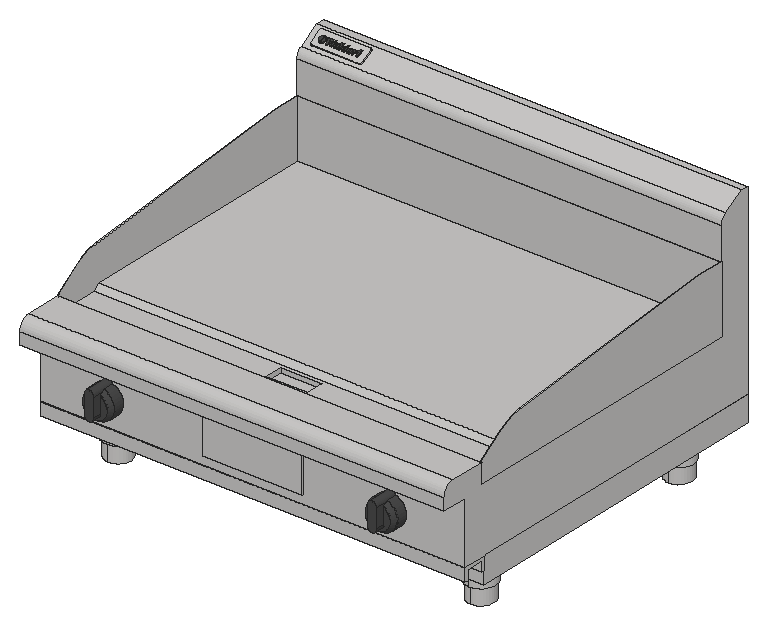
Revit family "QF_MOFFAT WALDORF_GP8900E-B", category Specialty Equipment, Revit 2012
Parameters
  Width [instance] = 900.0 mm  # constant formula
  Weight in Pounds = 275.5775
  Watts = 12000 W
  Volts = 415 V
  URL Cutsheet = "www.moffat.com"
  URL = "www.moffat.com"
  Type Mark [instance] = ""
  Status [instance] = ""
  Specification by User [instance] = ""
  Specification by Manufacturer = ""
  Show Logo [instance] = yes
  Serial Number = ""
  Seismic Rating = ""
  SMACNA No = ""
  Revision Code [instance] = ""
  Phase = 3
  Omniclass Number and Title = ""
  Number of Poles = 1
  NAFEM Spec ID Number = ""
  Model = "GP8900E-B"
  Min Ckt Ampacity = 0 A
  Max Overcurrent Protection = 0 A
  Masterspec = ""
  Manufacturer = "MOFFAT WALDORF"
  Item Number [instance] = ""
  Installed By [instance] = ""
  Identify Quantity as Lot [instance] = yes
  Height [instance] = 530.0 mm  # constant formula
  HP = ""
  Furnished By [instance] = ""
  Foodservice Equipment Identifier [instance] = yes
  FL Amps = 16.6 A
  Elec Conn RI Height = 0.0 mm
  Elec Conn Connection Height = 0.0 mm
  Description = "GRIDDLE PLATE ELECTRIC BENCH MOUNT"
  Depth [instance] = 805.0 mm  # constant formula
  Cycle = 50 Hz
  Conn Plug = ""
  Conn Conduit = yes
  CSI MasterFormat = ""
  CSI Master Format = ""
  Base Height [instance] = 80.0 mm
  Apparent Power = if(Phase = 3, Volts * FL Amps * 1.73, Volts * FL Amps)  # 11918 VA
Reference planes
  plane 1 "BACK": y = 0
  plane 2: z = 0
  plane 3 "LEFT": x = 0
  plane 4 "RIGHT": x = 900
  plane 5 "FRONT": y = -805
  plane 6 "TOP": z = 530
  plane 7 "Center Y": x = 450
  plane 8 "Center X": y = -402.5
  plane 9 "Base Height": z = 80
  plane 10: x = 65
  plane 11: x = 834
  plane 12: x = 770
  plane 13: z = 110
  plane 14: y = -32
Forms (mm)
  Extrusion 1, solid, material "QF_Finishes_Stainless Steel"
    sketch origin (0, 0, 0) x (0, 1, 0) y (0, 0, 1)
      loop
        line (-805, 291) -> (-805, 266) -> (-749, 266) -> (-749, 135) -> (0, 135) -> (0, 530) -> (-16.5, 530) -> (-58.709, 505.631)
        arc (-58.709, 505.631) -> (-66.975, 497.365) -> (-70, 486.074) r 22.582
        line (-70, 486.074) -> (-70, 275) -> (-705, 275) -> (-705, 315) -> (-781, 315)
        arc (-781, 315) -> (-797.971, 307.971) -> (-805, 291) r 24
      loop
        line (0, 80) -> (0, 134.206) -> (-699, 134.206) -> (-699, 80) -> (0, 80)
      loop
        line (-749, 134.206) -> (-749, 107.019) -> (-742.6, 107.019) -> (-742.6, 127.806) -> (-706.4, 127.806) -> (-706.4, 107.019) -> (-700, 107.019) -> (-700, 134.206) -> (-749, 134.206)
    from 0 to 900
  Revolve 2, solid, material "QF_Finishes_Stainless Steel"
    sketch origin (834, -210, 0) x (0, 1, 0) y (0, 0, -1)
      loop
        line (78.25, -80) -> (110, -80) -> (110, 0) -> (82.5, 0) -> (82.5, -35) -> (78.25, -35) -> (78.25, -80)
      axis (110, -80) -> (110, 0)
    angle from 0 to 360
  Revolve 3, solid, material "QF_Finishes_Stainless Steel"
    sketch origin (65, -210, 0) x (0, 1, 0) y (0, 0, 1)
      loop
        line (78.25, 80) -> (78.25, 35) -> (82.5, 35) -> (82.5, 0) -> (110, 0) -> (110, 80) -> (78.25, 80)
      axis (110, 80) -> (110, 0)
    angle from 0 to 360
  Revolve 4, solid, material "QF_Finishes_Black"
    sketch origin (150, 0, -0.127) x (0, 1, 0) y (0, 0, -1)
      loop
        line (-782, -229.5) -> (-759, -229.5) -> (-759, -202) -> (-749, -202) -> (-749, -197) -> (-793, -197) -> (-793, -223.651) -> (-782, -229.5)
      axis (-793, -197) -> (-749, -197)
    angle from 0 to 360
  Extrusion 5, solid, material "QF_Finishes_Black"
    sketch origin (288.27, 0, 0.031) x (-1, 0, 0) y (0, 0, -1)
      loop
        arc (148.269, -184.969) -> (138.269, -174.969) -> (128.269, -184.969) r 10
        line (128.269, -184.969) -> (128.269, -223.969)
        arc (128.269, -223.969) -> (138.269, -233.969) -> (148.269, -223.969) r 10
        line (148.269, -223.969) -> (148.269, -184.969)
    from 759 to 808
  Revolve 6, solid, material "QF_Finishes_Stainless Steel"
    sketch origin (834, -735, 0) x (0, 1, 0) y (0, 0, -1)
      loop
        line (78.25, -80) -> (110, -80) -> (110, 0) -> (82.5, 0) -> (82.5, -35) -> (78.25, -35) -> (78.25, -80)
      axis (110, -80) -> (110, 0)
    angle from 0 to 360
  Revolve 7, solid, material "QF_Finishes_Stainless Steel"
    sketch origin (65, -735, 0) x (0, 1, 0) y (0, 0, 1)
      loop
        line (78.25, 80) -> (78.25, 35) -> (82.5, 35) -> (82.5, 0) -> (110, 0) -> (110, 80) -> (78.25, 80)
      axis (110, 80) -> (110, 0)
    angle from 0 to 360
  Extrusion 8, solid, material "QF_Finishes_Stainless Steel"
    sketch origin (-295, -749, 266) x (0, 0, -1) y (1, 0, 0)
      loop
        line (26.5, 640) -> (113.5, 640) -> (113.5, 850) -> (26.5, 850) -> (26.5, 640)
    from 0 to 2.5
  Extrusion 9, solid, material "QF_Finishes_Stainless Steel"
    sketch origin (-295, -751.5, 266) x (0, 0, -1) y (1, 0, 0)
      loop
        line (33.5, 850) -> (26.5, 850) -> (26.5, 640) -> (33.5, 640) -> (33.5, 850)
    from 0 to 5
  Revolve 10, solid, material "QF_Finishes_Black"
    sketch origin (750, 0, -0.127) x (0, 1, 0) y (0, 0, 1)
      loop
        line (-782, 229.5) -> (-793, 223.651) -> (-793, 197) -> (-749, 197) -> (-749, 202) -> (-759, 202) -> (-759, 229.5) -> (-782, 229.5)
      axis (-793, 197) -> (-749, 197)
    angle from 0 to 360
  Extrusion 11, solid, material "QF_Finishes_Black"
    sketch origin (611.73, 0, 0.031) x (1, 0, 0) y (0, 0, 1)
      loop
        line (148.269, 184.969) -> (148.269, 223.969)
        arc (148.269, 223.969) -> (138.269, 233.969) -> (128.269, 223.969) r 10
        line (128.269, 223.969) -> (128.269, 184.969)
        arc (128.269, 184.969) -> (138.269, 174.969) -> (148.269, 184.969) r 10
    from 759 to 808
  Extrusion 12, void
    sketch origin (0, 0, 80) x (0, 1, 0) y (-1, 0, 0)
      loop
        circle (-32, -770) r 13
    from 0.2 to 30
Cuts and joins
  joined: Revolve 4, Extrusion 5
  joined: Extrusion 8, Extrusion 9
  Extrusion 12 cuts Extrusion 1
Lines and regions (mm)
  Split face 1
    outline origin (49.063, -19.748, 528.125) x (0, -0.866025, -0.5) y (1, 0, 0)
      loop
        line (1.427, 105.5) -> (35.836, 105.5) -> (35.836, 125.5) -> (1.427, 125.5) -> (1.427, 105.5)
  Split face 2
    outline origin (99.063, -19.748, 528.125) x (0, -0.866025, -0.5) y (1, 0, 0)
      loop
        line (1.427, 105.5) -> (35.836, 105.5) -> (35.836, 125.5) -> (1.427, 125.5) -> (1.427, 105.5)
  Split face 3
    outline origin (149.062, -19.748, 528.125) x (0, -0.866025, -0.5) y (1, 0, 0)
      loop
        line (1.427, 105.5) -> (35.836, 105.5) -> (35.836, 125.5) -> (1.427, 125.5) -> (1.427, 105.5)
  Split face 4
    outline origin (199.063, -19.748, 528.125) x (0, -0.866025, -0.5) y (1, 0, 0)
      loop
        line (1.427, 105.5) -> (35.836, 105.5) -> (35.836, 125.5) -> (1.427, 125.5) -> (1.427, 105.5)
  Split face 5
    outline origin (249.063, -19.748, 528.125) x (0, -0.866025, -0.5) y (1, 0, 0)
      loop
        line (1.427, 105.5) -> (35.836, 105.5) -> (35.836, 125.5) -> (1.427, 125.5) -> (1.427, 105.5)
  Split face 6
    outline origin (299.063, -19.748, 528.125) x (0, -0.866025, -0.5) y (1, 0, 0)
      loop
        line (1.427, 105.5) -> (35.836, 105.5) -> (35.836, 125.5) -> (1.427, 125.5) -> (1.427, 105.5)
  Split face 7
    outline origin (349.063, -19.748, 528.125) x (0, -0.866025, -0.5) y (1, 0, 0)
      loop
        line (1.427, 105.5) -> (35.836, 105.5) -> (35.836, 125.5) -> (1.427, 125.5) -> (1.427, 105.5)
  Split face 8
    outline origin (399.063, -19.748, 528.125) x (0, -0.866025, -0.5) y (1, 0, 0)
      loop
        line (1.427, 105.5) -> (35.836, 105.5) -> (35.836, 125.5) -> (1.427, 125.5) -> (1.427, 105.5)
  Split face 9
    outline origin (449.063, -19.748, 528.125) x (0, -0.866025, -0.5) y (1, 0, 0)
      loop
        line (1.427, 105.5) -> (35.836, 105.5) -> (35.836, 125.5) -> (1.427, 125.5) -> (1.427, 105.5)
  Split face 10
    outline origin (499.063, -19.748, 528.125) x (0, -0.866025, -0.5) y (1, 0, 0)
      loop
        line (1.427, 105.5) -> (35.836, 105.5) -> (35.836, 125.5) -> (1.427, 125.5) -> (1.427, 105.5)
  Split face 11
    outline origin (549.062, -19.748, 528.125) x (0, -0.866025, -0.5) y (1, 0, 0)
      loop
        line (1.427, 105.5) -> (35.836, 105.5) -> (35.836, 125.5) -> (1.427, 125.5) -> (1.427, 105.5)
  symbolic lines, visible <- "Show Logo"
    curve 1: line (12.5, -52.06, 0) -> (12.5, -21.099, 0)
    curve 2: line (121.5, -21.099, 0) -> (121.5, -52.06, 0)
    curve 3: line (12.5, -21.099, 0) -> (121.5, -21.099, 0)
    curve 4: line (12.5, -52.06, 0) -> (121.5, -52.06, 0)
  symbolic lines
    curve 5: line (154.563, -50.782, 0) -> (154.563, -20.984, 0)
    curve 6: line (154.563, -20.984, 0) -> (174.562, -20.984, 0)
    curve 7: line (174.562, -20.984, 0) -> (174.562, -50.782, 0)
    curve 8: line (174.562, -50.782, 0) -> (154.563, -50.782, 0)
    curve 9: line (204.563, -20.984, 0) -> (204.563, -50.782, 0)
    curve 10: line (204.563, -50.782, 0) -> (224.562, -50.782, 0)
    curve 11: line (224.562, -50.782, 0) -> (224.562, -20.984, 0)
    curve 12: line (224.562, -20.984, 0) -> (204.563, -20.984, 0)
    curve 13: line (254.563, -20.984, 0) -> (254.563, -50.782, 0)
    curve 14: line (254.563, -50.782, 0) -> (274.562, -50.782, 0)
    curve 15: line (274.562, -50.782, 0) -> (274.562, -20.984, 0)
    curve 16: line (274.562, -20.984, 0) -> (254.563, -20.984, 0)
    curve 17: line (0, -805, 0) -> (900, -805, 0)
    curve 18: line (0, 0, 0) -> (0, -805, 0)
    curve 19: line (900, 0, 0) -> (0, 0, 0)
    curve 20: line (0, -70, 0) -> (900, -70, 0)
    curve 21: line (900, -705, 0) -> (0, -705, 0)
    curve 22: line (304.563, -20.984, 0) -> (304.563, -50.782, 0)
    curve 23: line (304.563, -50.782, 0) -> (324.562, -50.782, 0)
    curve 24: line (324.562, -50.782, 0) -> (324.562, -20.984, 0)
    curve 25: line (324.562, -20.984, 0) -> (304.563, -20.984, 0)
    curve 26: line (354.563, -20.984, 0) -> (354.563, -50.782, 0)
    curve 27: line (354.563, -50.782, 0) -> (374.562, -50.782, 0)
    curve 28: line (374.562, -50.782, 0) -> (374.562, -20.984, 0)
    curve 29: line (374.562, -20.984, 0) -> (354.563, -20.984, 0)
    curve 30: line (404.563, -20.984, 0) -> (404.563, -50.782, 0)
    curve 31: line (404.563, -50.782, 0) -> (424.562, -50.782, 0)
    curve 32: line (424.562, -50.782, 0) -> (424.562, -20.984, 0)
    curve 33: line (424.562, -20.984, 0) -> (404.563, -20.984, 0)
    curve 34: line (454.563, -20.984, 0) -> (454.563, -50.782, 0)
    curve 35: line (454.563, -50.782, 0) -> (474.562, -50.782, 0)
    curve 36: line (474.562, -50.782, 0) -> (474.562, -20.984, 0)
    curve 37: line (474.562, -20.984, 0) -> (454.563, -20.984, 0)
    curve 38: line (504.563, -20.984, 0) -> (504.563, -50.782, 0)
    curve 39: line (504.563, -50.782, 0) -> (524.562, -50.782, 0)
    curve 40: line (524.562, -50.782, 0) -> (524.562, -20.984, 0)
    curve 41: line (524.562, -20.984, 0) -> (504.563, -20.984, 0)
    curve 42: line (554.563, -20.984, 0) -> (554.563, -50.782, 0)
    curve 43: line (554.563, -50.782, 0) -> (574.562, -50.782, 0)
    curve 44: line (574.562, -50.782, 0) -> (574.562, -20.984, 0)
    curve 45: line (574.562, -20.984, 0) -> (554.563, -20.984, 0)
    curve 46: line (604.563, -20.984, 0) -> (604.563, -50.782, 0)
    curve 47: line (604.563, -50.782, 0) -> (624.562, -50.782, 0)
    curve 48: line (624.562, -50.782, 0) -> (624.562, -20.984, 0)
    curve 49: line (624.562, -20.984, 0) -> (604.563, -20.984, 0)
    curve 50: line (654.563, -20.984, 0) -> (654.563, -50.782, 0)
    curve 51: line (654.563, -50.782, 0) -> (674.562, -50.782, 0)
    curve 52: line (674.562, -50.782, 0) -> (674.562, -20.984, 0)
    curve 53: line (674.562, -20.984, 0) -> (654.563, -20.984, 0)
    curve 54: line (900, -805, 0) -> (900, 0, 0)
Dimensions and locks
  equal spacing: plane 3 "LEFT", plane 7 "Center Y", plane 4 "RIGHT"
  "Width": plane 3 "LEFT" to plane 4 "RIGHT"
  equal spacing: plane 5 "FRONT", plane 8 "Center X", plane 1 "BACK"
  "Depth": plane 5 "FRONT" to plane 1 "BACK"
  "Base Height": plane 9 "Base Height" to level
  locked: plane 6 "TOP" to plane 9 "Base Height" at 450
  plane 6 "TOP" to nested 1 to nested 1 = 2.946 mm locked, 17.226 mm locked
  plane 6 "TOP" to level = 530.0 mm
  plane 11 to plane 10 = 769.0 mm
  plane 12 to plane 4 "RIGHT" = 130.0 mm
  plane 13 to level = 110.0 mm
  plane 14 to plane 1 "BACK" = 32.0 mm
  aligned and locked: level to plane 2
  aligned and locked: Revolve 3 sketch curve to plane 9 "Base Height"
Automatic sketch dimensions
  curve 17 to plane 3 "LEFT" = 0.0 mm
  curve 20 to plane 4 "RIGHT" = 0.0 mm
  plane 1 "BACK" to curve 19 = 0.0 mm
  plane 5 "FRONT" to curve 17 = 0.0 mm
  plane 3 "LEFT" to curve 1 = 12.5 mm
  plane 10 to curve 4 = 56.5 mm
  curve 2 to curve 6 = 33.062 mm
  curve 5 to curve 8 = 20.0 mm
  curve 6 to curve 12 = 30.0 mm
  curve 9 to curve 10 = 20.0 mm
  curve 11 to curve 16 = 30.0 mm
  curve 13 to curve 15 = 20.0 mm
  curve 14 to curve 23 = 30.0 mm
  curve 22 to curve 23 = 20.0 mm
  curve 24 to curve 29 = 30.0 mm
  curve 26 to curve 27 = 20.0 mm
  curve 27 to curve 31 = 30.0 mm
  curve 30 to curve 32 = 20.0 mm
  plane 7 "Center Y" to curve 34 = 4.562 mm
  curve 34 to curve 37 = 20.0 mm
  curve 35 to curve 39 = 30.0 mm
  curve 38 to curve 41 = 20.0 mm
  curve 39 to curve 43 = 30.0 mm
  curve 42 to curve 44 = 20.0 mm
  curve 43 to curve 47 = 30.0 mm
  curve 46 to curve 48 = 20.0 mm
  curve 48 to curve 50 = 30.0 mm
  curve 50 to curve 52 = 20.0 mm
  curve 21 to plane 5 "FRONT" = 100.0 mm
  curve 20 to curve 19 = 70.0 mm
  plane 1 "BACK" to curve 2 = 52.06 mm
  plane 1 "BACK" to curve 7 = 50.782 mm
  plane 1 "BACK" to curve 44 = 50.782 mm
  curve 7 to curve 9 = 0.0 mm
  curve 43 to curve 46 = 0.0 mm
  curve 40 to curve 42 = 0.0 mm
  curve 10 to curve 13 = 0.0 mm
  curve 36 to curve 38 = 0.0 mm
  curve 47 to curve 50 = 0.0 mm
  curve 14 to curve 22 = 0.0 mm
  curve 32 to curve 34 = 0.0 mm
  curve 23 to curve 26 = 0.0 mm
  plane 1 "BACK" to curve 2 = 21.099 mm
  plane 1 "BACK" to curve 26 = 20.984 mm
  plane 1 "BACK" to curve 25 = 20.984 mm
  plane 1 "BACK" to curve 32 = 20.984 mm
  plane 1 "BACK" to curve 34 = 20.984 mm
  plane 1 "BACK" to curve 53 = 20.984 mm
  plane 1 "BACK" to curve 38 = 20.984 mm
  plane 1 "BACK" to curve 16 = 20.984 mm
  plane 1 "BACK" to curve 42 = 20.984 mm
  plane 1 "BACK" to curve 12 = 20.984 mm
  plane 1 "BACK" to curve 46 = 20.984 mm
  plane 1 "BACK" to curve 7 = 20.984 mm
  Extrusion 1 sketch curve to plane 5 "FRONT" = 0.0 mm
  Extrusion 1 sketch curve to plane 9 "Base Height" = 0.0 mm
  Extrusion 1 sketch curve to plane 6 "TOP" = 0.0 mm
  Extrusion 1 sketch curve to plane 1 "BACK" = 0.0 mm  (x2)
  Extrusion 1 sketch curve to plane 5 "FRONT" = 24.0 mm
  Extrusion 1 sketch curve to plane 5 "FRONT" = 56.0 mm
  Extrusion 1 sketch curve to Extrusion 1 sketch curve = 0.0 mm  (x2)
  Extrusion 1 sketch curve to Extrusion 1 sketch curve = 6.4 mm  (x3)
  Extrusion 1 sketch curve to Extrusion 1 sketch curve = 36.2 mm
  Extrusion 1 sketch curve to Extrusion 1 sketch curve = 44.0 mm
  Extrusion 1 sketch curve to Extrusion 1 sketch curve = 1.0 mm
  plane 1 "BACK" to Extrusion 1 sketch curve = 70.0 mm
  Extrusion 1 sketch curve to plane 6 "TOP" = 24.369 mm
  Extrusion 1 sketch curve to Extrusion 1 sketch curve = 11.291 mm  (x2)
  Extrusion 1 sketch curve to Extrusion 1 sketch curve = 16.5 mm
  plane 9 "Base Height" to Extrusion 1 sketch curve = 27.019 mm  (x2)
  Extrusion 1 sketch curve to Extrusion 1 sketch curve = 20.787 mm
  Extrusion 1 sketch curve to Extrusion 1 sketch curve = 0.794 mm
  Extrusion 1 sketch curve to Extrusion 1 sketch curve = 131.0 mm
  Extrusion 1 sketch curve to Extrusion 1 sketch curve = 140.0 mm
  Extrusion 1 sketch curve to Extrusion 1 sketch curve = 25.0 mm
  Revolve 2 sketch curve to plane 9 "Base Height" = 0.0 mm
  Revolve 2 sketch curve to level = 0.0 mm
  level to Revolve 2 sketch curve = 35.0 mm
  plane 1 "BACK" to Revolve 2 sketch curve = 131.75 mm
  Revolve 2 sketch curve to Revolve 2 sketch curve = 4.25 mm
  Revolve 2 sketch curve to Revolve 2 sketch curve = 27.5 mm
  Revolve 2 sketch curve to Revolve 2 sketch curve = 0.0 mm
  Revolve 2 sketch curve to Revolve 2 sketch curve = 30.0 mm
  Revolve 2 sketch curve to Revolve 2 sketch curve = 55.0 mm
  Revolve 3 sketch curve to level = 0.0 mm
  level to Revolve 3 sketch curve = 35.0 mm
  plane 1 "BACK" to Revolve 3 sketch curve = 131.75 mm
  Revolve 3 sketch curve to Revolve 3 sketch curve = 4.25 mm
  Revolve 3 sketch curve to Revolve 3 sketch curve = 27.5 mm
  Revolve 3 sketch curve to Revolve 3 sketch curve = 0.0 mm
  Revolve 3 sketch curve to Revolve 3 sketch curve = 55.0 mm
  Revolve 3 sketch curve to Revolve 3 sketch curve = 30.0 mm
  Revolve 4 sketch curve to plane 5 "FRONT" = 12.0 mm
  Revolve 4 sketch curve to Revolve 4 sketch curve = 0.0 mm  (x2)
  Revolve 4 sketch curve to Revolve 4 sketch curve = 11.0 mm
  Revolve 4 sketch curve to Revolve 4 sketch curve = 12.7 mm
  Revolve 4 sketch curve to Revolve 4 sketch curve = 23.0 mm
  Revolve 4 sketch curve to Revolve 4 sketch curve = 10.0 mm
  plane 9 "Base Height" to Revolve 4 sketch curve = 149.373 mm
  Revolve 4 sketch curve to Revolve 4 sketch curve = 5.849 mm
  Revolve 4 sketch curve to Revolve 4 sketch curve = 27.5 mm
  Revolve 4 sketch curve to Revolve 4 sketch curve = 5.0 mm
  plane 10 to Extrusion 5 sketch curve = 95.001 mm
  Extrusion 5 sketch curve to Extrusion 5 sketch curve = 10.0 mm
  plane 9 "Base Height" to Extrusion 5 sketch curve = 144.0 mm
  Extrusion 5 sketch curve to Extrusion 5 sketch curve = 39.0 mm
  Extrusion 1 to Split face 1 sketch curve = 5.177 mm
  Split face 1 sketch curve to Extrusion 1 = 9.153 mm
  Split face 1 sketch curve to Extrusion 1 = 154.563 mm
  Split face 1 sketch curve to Split face 1 sketch curve = 20.0 mm
  Revolve 6 sketch curve to plane 9 "Base Height" = 0.0 mm
  Revolve 6 sketch curve to level = 0.0 mm
  level to Revolve 6 sketch curve = 35.0 mm
  Revolve 6 sketch curve to plane 5 "FRONT" = 148.25 mm
  Revolve 6 sketch curve to Revolve 6 sketch curve = 4.25 mm
  Revolve 6 sketch curve to Revolve 6 sketch curve = 27.5 mm
  Revolve 6 sketch curve to Revolve 6 sketch curve = 0.0 mm
  Revolve 6 sketch curve to Revolve 6 sketch curve = 30.0 mm
  Revolve 6 sketch curve to Revolve 6 sketch curve = 55.0 mm
  Revolve 7 sketch curve to plane 9 "Base Height" = 0.0 mm
  Revolve 7 sketch curve to level = 0.0 mm
  level to Revolve 7 sketch curve = 35.0 mm
  Revolve 7 sketch curve to plane 5 "FRONT" = 148.25 mm
  Revolve 7 sketch curve to Revolve 7 sketch curve = 4.25 mm
  Revolve 7 sketch curve to Revolve 7 sketch curve = 27.5 mm
  Revolve 7 sketch curve to Revolve 7 sketch curve = 0.0 mm
  Revolve 7 sketch curve to Revolve 7 sketch curve = 55.0 mm
  Revolve 7 sketch curve to Revolve 7 sketch curve = 30.0 mm
  Extrusion 1 to Split face 2 sketch curve = 5.177 mm
  Split face 2 sketch curve to Extrusion 1 = 9.153 mm
  Split face 2 sketch curve to Extrusion 1 = 204.563 mm
  Split face 2 sketch curve to Split face 2 sketch curve = 20.0 mm
  Extrusion 1 to Split face 3 sketch curve = 5.177 mm
  Split face 3 sketch curve to Extrusion 1 = 9.153 mm
  Split face 3 sketch curve to Extrusion 1 = 254.563 mm
  Split face 3 sketch curve to Split face 3 sketch curve = 20.0 mm
  Extrusion 1 to Extrusion 8 sketch curve = 26.5 mm
  Extrusion 8 sketch curve to Extrusion 1 = 17.5 mm
  Extrusion 1 to Extrusion 8 sketch curve = 345.0 mm
  Extrusion 8 sketch curve to Extrusion 8 sketch curve = 210.0 mm
  Extrusion 9 sketch curve to Extrusion 8 = 0.0 mm  (x2)
  Extrusion 8 to Extrusion 9 sketch curve = 0.0 mm
  Extrusion 9 sketch curve to Extrusion 8 = 7.0 mm
  Revolve 10 sketch curve to plane 5 "FRONT" = 12.0 mm
  Revolve 10 sketch curve to Revolve 10 sketch curve = 0.0 mm  (x2)
  Revolve 10 sketch curve to Revolve 10 sketch curve = 11.0 mm
  Revolve 10 sketch curve to Revolve 10 sketch curve = 12.7 mm
  Revolve 10 sketch curve to Revolve 10 sketch curve = 23.0 mm
  Revolve 10 sketch curve to Revolve 10 sketch curve = 10.0 mm
  plane 9 "Base Height" to Revolve 10 sketch curve = 116.873 mm
  Revolve 10 sketch curve to Revolve 10 sketch curve = 5.0 mm
  Revolve 10 sketch curve to Revolve 10 sketch curve = 26.651 mm
  Revolve 10 sketch curve to Revolve 10 sketch curve = 5.849 mm
  plane 11 to Extrusion 11 sketch curve = 94.001 mm
  Extrusion 11 sketch curve to Extrusion 11 sketch curve = 10.0 mm
  plane 9 "Base Height" to Extrusion 11 sketch curve = 105.0 mm
  Extrusion 11 sketch curve to Extrusion 11 sketch curve = 39.0 mm
  Extrusion 1 to Split face 4 sketch curve = 5.177 mm
  Split face 4 sketch curve to Extrusion 1 = 9.153 mm
  Split face 4 sketch curve to Extrusion 1 = 304.563 mm
  Split face 4 sketch curve to Split face 4 sketch curve = 20.0 mm
  Extrusion 1 to Split face 5 sketch curve = 5.177 mm
  Split face 5 sketch curve to Extrusion 1 = 9.153 mm
  Split face 5 sketch curve to Extrusion 1 = 354.563 mm
  Split face 5 sketch curve to Split face 5 sketch curve = 20.0 mm
  Extrusion 1 to Split face 6 sketch curve = 5.177 mm
  Split face 6 sketch curve to Extrusion 1 = 9.153 mm
  Split face 6 sketch curve to Extrusion 1 = 404.563 mm
  Split face 6 sketch curve to Split face 6 sketch curve = 20.0 mm
  Extrusion 1 to Split face 7 sketch curve = 5.177 mm
  Split face 7 sketch curve to Extrusion 1 = 9.153 mm
  Split face 7 sketch curve to Extrusion 1 = 445.437 mm
  Split face 7 sketch curve to Split face 7 sketch curve = 20.0 mm
  Extrusion 1 to Split face 8 sketch curve = 5.177 mm
  Split face 8 sketch curve to Extrusion 1 = 9.153 mm
  Split face 8 sketch curve to Extrusion 1 = 395.437 mm
  Split face 8 sketch curve to Split face 8 sketch curve = 20.0 mm
  Extrusion 1 to Split face 9 sketch curve = 5.177 mm
  Split face 9 sketch curve to Extrusion 1 = 9.153 mm
  Split face 9 sketch curve to Extrusion 1 = 345.437 mm
  Split face 9 sketch curve to Split face 9 sketch curve = 20.0 mm
  Extrusion 1 to Split face 10 sketch curve = 5.177 mm
  Split face 10 sketch curve to Extrusion 1 = 9.153 mm
  Split face 10 sketch curve to Extrusion 1 = 295.437 mm
  Split face 10 sketch curve to Split face 10 sketch curve = 20.0 mm
  Extrusion 1 to Split face 11 sketch curve = 5.177 mm
  Split face 11 sketch curve to Extrusion 1 = 9.153 mm
  Split face 11 sketch curve to Extrusion 1 = 245.437 mm
  Split face 11 sketch curve to Split face 11 sketch curve = 20.0 mm
  Extrusion 1 to Extrusion 12 sketch curve = 32.0 mm
  Extrusion 12 sketch curve to Extrusion 1 = 130.0 mm
  radius of Extrusion 12 sketch curve = 13.0 mm
Nested families
  nested 1: "WALDORF LOGO" at (12.5, -36.099, 502.127), visible <- "Show Logo", type "WALDORF LOGO", detail levels medium+fine
    with Type Mark "", Status "", Specification by User "", Show Logo yes, Revision Code "", Item Number "", Installed By "", Identify Quantity as Lot yes, Furnished By "", Foodservice Equipment Identifier yes
  nested 2: "GAS GRIDDLE PLATE" at (0, -70, 275), type "GAS GRIDDLE PLATE"
    with Type Mark "", Status "", Specification by User "", Show Clearance yes, Revision Code "", Number of Poles 1, Mechanical Remarks "", Mechanical Connection Type "", Item Number "", Installed By "", Identify Quantity as Lot yes, Gas RI Height 0.0 mm, Gas KW 0, Gas Input 0.0 Btu/h, Furnished By "", Foodservice Equipment Identifier yes, Electrical Remarks "", Electric Connection Type "", Elec Conn RI Height 0.0 mm, Elec Conn Connection Height 0.0 mm
Connectors
  electrical at (770, -32, 110), driven by "Volts", driven by "Watts"
    settings: on cut or joined group of Extrusion 1, Extrusion 12, index 1, voltage 415 V, apparent load 12000 VA, apparent load phase1 0 VA, apparent load phase2 0 VA, apparent load phase3 0 VA, power factor 1, load classification "Other", number of poles 1, system type 30, power factor state 1, is connector primary yes, connector utility no, sub classification motor no, connector description "ELECTRICAL CONNECTION"
Definition of nested family "WALDORF LOGO"
  Parameters (values of type "BT8300-CB-LOGO")
    Weight in Pounds = 0
    URL Cutsheet = ""
    Type Mark [instance] = ""
    Status [instance] = ""
    Specification by User [instance] = ""
    Specification by Manufacturer = ""
    Show Logo [instance] = yes
    Serial Number = ""
    Seismic Rating = ""
    SMACNA No = ""
    Revision Code [instance] = ""
    Omniclass Number and Title = ""
    NAFEM Spec ID Number = ""
    Masterspec = ""
    Item Number [instance] = ""
    Installed By [instance] = ""
    Identify Quantity as Lot [instance] = yes
    Furnished By [instance] = ""
    Foodservice Equipment Identifier [instance] = yes
    CSI MasterFormat = ""
    CSI Master Format = ""
  Reference planes
    plane 1 "BACK": y = 0
    plane 2: z = 0
    plane 3 "LEFT": x = 0
    plane 4 "RIGHT": x = 109
    plane 5 "FRONT": y = -1.588
    plane 6 "TOP": z = 34.14
    plane 7 "Center Y": x = 54.5
    plane 8 "Center X": y = -0.794
  Forms (mm)
    Extrusion 1, solid, material "QF_Finishes_Stainless Steel", visible <- "Show Logo"
      sketch origin (0, -15.16, 7.701) x (1, 0, 0) y (0, 0.863373, 0.504566)
        loop
          arc (5, 34.14) -> (1.464, 32.676) -> (0, 29.14) r 5
          line (0, 29.14) -> (0, 5)
          arc (0, 5) -> (1.464, 1.464) -> (5, 0) r 5
          line (5, 0) -> (104, 0)
          arc (104, 0) -> (107.536, 1.464) -> (109, 5) r 5
          line (109, 5) -> (109, 29.14)
          arc (109, 29.14) -> (107.536, 32.676) -> (104, 34.14) r 5
          line (104, 34.14) -> (5, 34.14)
      from 0 to 1.588
    Extrusion 2, solid, material "QF_Finishes_Black", visible <- "Show Logo"
      sketch origin (0, -15.961, 9.072) x (1, 0, 0) y (0, 0.863373, 0.504566)
        loop
          line (24.772, 23.214) -> (27.992, 10.301) -> (31.551, 10.301) -> (33.443, 17.364) -> (35.205, 10.301) -> (39.332, 10.301) -> (42.077, 23.214) -> (38.352, 23.214) -> (36.676, 15.33) -> (35, 23.214) -> (31.752, 23.214) -> (30.076, 15.33) -> (28.4, 23.214) -> (24.772, 23.214)
        loop
          line (42.272, 17.055) -> (45.703, 17.055)
          spline (45.703, 17.055) -> (45.741, 17.285) -> (45.852, 17.499) -> (46.028, 17.682) -> (46.258, 17.823) -> (46.526, 17.912) -> (46.813, 17.942) -> (47.1, 17.912) -> (47.368, 17.823) -> (47.597, 17.682) -> (47.774, 17.499) -> (47.884, 17.285) -> (47.922, 17.055)
          line (47.922, 17.055) -> (47.922, 16.222)
          arc (47.922, 16.222) -> (45.742, 16.014) -> (43.665, 15.317) r 9.604
          arc (43.665, 15.317) -> (41.924, 12.809) -> (43.665, 10.301) r 2.677
          arc (43.665, 10.301) -> (45.527, 10.353) -> (47.332, 10.816) r 8.365
          line (47.332, 10.816) -> (48.092, 11.105) -> (48.092, 10.301) -> (51.817, 10.301) -> (51.817, 17.055)
          spline (51.817, 17.055) -> (51.654, 17.821) -> (51.178, 18.535) -> (50.419, 19.148) -> (49.431, 19.619) -> (48.28, 19.914) -> (47.044, 20.015) -> (45.809, 19.914) -> (44.658, 19.619) -> (43.67, 19.148) -> (42.911, 18.535) -> (42.434, 17.821) -> (42.272, 17.055)
        loop
          line (53.151, 23.214) -> (53.151, 10.301) -> (57.37, 10.301) -> (57.37, 23.214) -> (53.151, 23.214)
        loop
          line (64.874, 23.214) -> (64.874, 18.857)
          arc (64.874, 18.857) -> (58.083, 15.11) -> (64.874, 11.363) r 4.429
          line (64.874, 11.363) -> (64.874, 10.301) -> (68.378, 10.301) -> (68.378, 23.214) -> (64.874, 23.214)
        loop
          arc (64.874, 16.083) -> (61.41, 14.987) -> (64.874, 13.891) r 1.905
          line (64.874, 13.891) -> (64.874, 16.083)
        loop
          circle (74.623, 15.223) r 5
        loop
          spline (74.623, 17.856) -> (74.355, 17.766) -> (74.105, 17.503) -> (73.891, 17.084) -> (73.726, 16.539) -> (73.623, 15.904) -> (73.588, 15.223) -> (73.623, 14.541) -> (73.726, 13.906) -> (73.891, 13.361) -> (74.105, 12.942) -> (74.355, 12.679) -> (74.623, 12.59)
          spline (74.623, 12.59) -> (74.891, 12.679) -> (75.141, 12.942) -> (75.355, 13.361) -> (75.52, 13.906) -> (75.623, 14.541) -> (75.659, 15.223) -> (75.623, 15.904) -> (75.52, 16.539) -> (75.355, 17.084) -> (75.141, 17.503) -> (74.891, 17.766) -> (74.623, 17.856)
        loop
          line (81.255, 19.813) -> (81.255, 10.301) -> (84.834, 10.301) -> (84.834, 14.176)
          arc (84.834, 14.176) -> (85.854, 16.093) -> (88.013, 16.32) r 2.313
          line (88.013, 16.32) -> (88.013, 19.813) -> (87.161, 19.813)
          arc (87.161, 19.813) -> (85.526, 19.266) -> (84.549, 17.844) r 2.717
          line (84.549, 17.844) -> (84.549, 19.813) -> (81.255, 19.813)
        loop
          line (90.249, 19.813) -> (88.91, 19.813) -> (88.91, 17.614) -> (90.249, 17.614) -> (90.249, 10.301) -> (93.998, 10.301) -> (93.998, 17.614) -> (95.418, 17.614) -> (95.418, 19.813) -> (93.998, 19.813)
          arc (93.998, 19.813) -> (94.414, 20.817) -> (95.418, 21.233) r 1.42
          line (95.418, 21.233) -> (95.418, 23.602) -> (93.317, 23.602)
          arc (93.317, 23.602) -> (91.343, 22.903) -> (90.249, 21.118) r 3.137
          line (90.249, 21.118) -> (90.249, 19.813)
        loop
          arc (15.241, 23.571) -> (8.392, 16.525) -> (15.241, 9.479) r 7.049
          line (15.241, 9.479) -> (15.241, 23.571)
        loop
          line (15.641, 23.571) -> (15.641, 9.479)
          arc (15.641, 9.479) -> (22.49, 16.525) -> (15.641, 23.571) r 7.049
        loop
          arc (47.922, 14.711) -> (46.266, 13.749) -> (47.922, 12.787) r 1.107
          line (47.922, 12.787) -> (47.922, 14.711)
      from 0 to 0.2
  Dimensions and locks
    equal spacing: plane 3 "LEFT", plane 7 "Center Y", plane 4 "RIGHT"
    plane 3 "LEFT" to plane 4 "RIGHT" = 109.0 mm
    equal spacing: plane 5 "FRONT", plane 8 "Center X", plane 1 "BACK"
    plane 5 "FRONT" to plane 1 "BACK" = 1.588 mm
    aligned and locked: level to plane 2
  Automatic sketch dimensions
    Extrusion 1 sketch curve to plane 3 "LEFT" = 0.0 mm
    Extrusion 1 sketch curve to plane 4 "RIGHT" = 0.0 mm
    plane 3 "LEFT" to Extrusion 1 sketch curve = 5.0 mm  (x2)
    plane 4 "RIGHT" to Extrusion 1 sketch curve = 5.0 mm  (x2)
    Extrusion 1 sketch curve to Extrusion 1 sketch curve = 24.14 mm
    Extrusion 2 sketch curve to Extrusion 2 sketch curve = 0.0 mm  (x14)
    Extrusion 2 sketch curve to Extrusion 1 = 15.241 mm
    Extrusion 2 sketch curve to Extrusion 2 sketch curve = 0.2 mm
    Extrusion 2 sketch curve to Extrusion 2 sketch curve = 0.4 mm
    Extrusion 2 sketch curve to Extrusion 2 sketch curve = 9.131 mm
    Extrusion 2 sketch curve to Extrusion 1 = 10.301 mm  (x2)
    Extrusion 2 sketch curve to Extrusion 2 sketch curve = 12.351 mm
    Extrusion 2 sketch curve to Extrusion 2 sketch curve = 3.628 mm
    Extrusion 2 sketch curve to Extrusion 2 sketch curve = 2.084 mm
    Extrusion 2 sketch curve to Extrusion 2 sketch curve = 3.559 mm
    Extrusion 2 sketch curve to Extrusion 1 = 10.926 mm  (x2)
    Extrusion 2 sketch curve to Extrusion 2 sketch curve = 3.352 mm  (x2)
    Extrusion 2 sketch curve to Extrusion 2 sketch curve = 3.367 mm
    Extrusion 2 sketch curve to Extrusion 2 sketch curve = 3.249 mm
    Extrusion 2 sketch curve to Extrusion 2 sketch curve = 3.654 mm
    Extrusion 2 sketch curve to Extrusion 1 = 15.33 mm
    Extrusion 2 sketch curve to Extrusion 2 sketch curve = 3.233 mm
    Extrusion 2 sketch curve to Extrusion 2 sketch curve = 4.128 mm
    Extrusion 2 sketch curve to Extrusion 2 sketch curve = 3.725 mm
    Extrusion 2 sketch curve to Extrusion 2 sketch curve = 5.596 mm
    Extrusion 2 sketch curve to Extrusion 2 sketch curve = 4.333 mm
    Extrusion 2 sketch curve to Extrusion 2 sketch curve = 1.394 mm
    Extrusion 2 sketch curve to Extrusion 2 sketch curve = 2.092 mm
    Extrusion 2 sketch curve to Extrusion 2 sketch curve = 0.936 mm
    Extrusion 2 sketch curve to Extrusion 2 sketch curve = 1.34 mm
    Extrusion 2 sketch curve to Extrusion 2 sketch curve = 1.109 mm
    Extrusion 2 sketch curve to Extrusion 2 sketch curve = 0.232 mm
    Extrusion 2 sketch curve to Extrusion 2 sketch curve = 2.731 mm
    Extrusion 2 sketch curve to Extrusion 2 sketch curve = 0.549 mm  (x2)
    Extrusion 2 sketch curve to Extrusion 2 sketch curve = 0.407 mm
    Extrusion 2 sketch curve to Extrusion 2 sketch curve = 0.76 mm
    Extrusion 2 sketch curve to Extrusion 2 sketch curve = 1.334 mm
    Extrusion 2 sketch curve to Extrusion 2 sketch curve = 4.219 mm
    Extrusion 2 sketch curve to Extrusion 2 sketch curve = 5.142 mm
    Extrusion 2 sketch curve to Extrusion 2 sketch curve = 0.803 mm
    Extrusion 2 sketch curve to Extrusion 2 sketch curve = 1.558 mm
    Extrusion 2 sketch curve to Extrusion 2 sketch curve = 3.504 mm
    Extrusion 2 sketch curve to Extrusion 2 sketch curve = 6.245 mm
    Extrusion 2 sketch curve to Extrusion 2 sketch curve = 6.632 mm
    Extrusion 2 sketch curve to Extrusion 2 sketch curve = 3.294 mm
    Extrusion 2 sketch curve to Extrusion 2 sketch curve = 3.579 mm
    Extrusion 2 sketch curve to Extrusion 2 sketch curve = 2.313 mm
    Extrusion 2 sketch curve to Extrusion 2 sketch curve = 2.612 mm
    Extrusion 2 sketch curve to Extrusion 2 sketch curve = 0.852 mm
    Extrusion 2 sketch curve to Extrusion 2 sketch curve = 0.897 mm
    Extrusion 2 sketch curve to Extrusion 2 sketch curve = 3.102 mm
    Extrusion 2 sketch curve to Extrusion 2 sketch curve = 1.338 mm
    Extrusion 2 sketch curve to Extrusion 2 sketch curve = 3.068 mm
    Extrusion 2 sketch curve to Extrusion 2 sketch curve = 0.681 mm
    Extrusion 2 sketch curve to Extrusion 2 sketch curve = 3.749 mm
    Extrusion 2 sketch curve to Extrusion 2 sketch curve = 1.42 mm
    Extrusion 2 sketch curve to Extrusion 2 sketch curve = 5.029 mm  (x2)
    Extrusion 2 sketch curve to Extrusion 1 = 9.479 mm
    Extrusion 2 sketch curve to Extrusion 2 sketch curve = 3.681 mm
    Extrusion 2 sketch curve to Extrusion 2 sketch curve = 0.515 mm
    Extrusion 2 sketch curve to Extrusion 2 sketch curve = 0.804 mm
    Extrusion 2 sketch curve to Extrusion 2 sketch curve = 1.062 mm
    Extrusion 2 sketch curve to Extrusion 2 sketch curve = 1.682 mm
    Extrusion 2 sketch curve to Extrusion 2 sketch curve = 2.508 mm
    Extrusion 2 sketch curve to Extrusion 2 sketch curve = 0.962 mm
    Extrusion 2 sketch curve to Extrusion 2 sketch curve = 2.528 mm
    Extrusion 2 sketch curve to Extrusion 2 sketch curve = 3.875 mm
    Extrusion 2 sketch curve to Extrusion 2 sketch curve = 1.096 mm
    Extrusion 2 sketch curve to Extrusion 2 sketch curve = 0.123 mm
    Extrusion 2 sketch curve to Extrusion 2 sketch curve = 4.922 mm
    Extrusion 2 sketch curve to Extrusion 2 sketch curve = 7.046 mm
    Extrusion 2 sketch curve to Extrusion 2 sketch curve = 0.833 mm
    Extrusion 2 sketch curve to Extrusion 2 sketch curve = 0.776 mm
    Extrusion 2 sketch curve to Extrusion 2 sketch curve = 2.034 mm
    Extrusion 2 sketch curve to Extrusion 2 sketch curve = 7.314 mm
    Extrusion 2 sketch curve to Extrusion 2 sketch curve = 1.295 mm
    Extrusion 2 sketch curve to Extrusion 2 sketch curve = 0.749 mm
    Extrusion 2 sketch curve to Extrusion 2 sketch curve = 2.633 mm
    Extrusion 2 sketch curve to Extrusion 2 sketch curve = 2.198 mm  (x2)
    Extrusion 2 sketch curve to Extrusion 2 sketch curve = 1.968 mm
    Extrusion 2 sketch curve to Extrusion 2 sketch curve = 0.653 mm
    Extrusion 2 sketch curve to Extrusion 2 sketch curve = 1.305 mm
    Extrusion 2 sketch curve to Extrusion 2 sketch curve = 4.357 mm
    Extrusion 2 sketch curve to Extrusion 2 sketch curve = 6.159 mm
    radius of Extrusion 2 sketch curve = 5.0 mm
Definition of nested family "GAS GRIDDLE PLATE"
  Parameters (values of type "GAS GRIDDLE PLATE")
    Weight in Pounds = 0
    Watts = 0 W
    Volts = 0 V
    URL Cutsheet = ""
    Type Mark [instance] = ""
    Status [instance] = ""
    Specification by User [instance] = ""
    Specification by Manufacturer = ""
    Show Clearance [instance] = yes
    Serial Number = ""
    Seismic Rating = ""
    SMACNA No = ""
    Revision Code [instance] = ""
    Phase = 1
    Omniclass Number and Title = ""
    Number of Poles [instance] = 1
    NAFEM Spec ID Number = ""
    Min Ckt Ampacity = 0 A
    Mechanical Remarks [instance] = ""
    Mechanical Connection Type [instance] = ""
    Max Overcurrent Protection = 0 A
    Masterspec = ""
    Item Number [instance] = ""
    Installed By [instance] = ""
    Identify Quantity as Lot [instance] = yes
    HP = ""
    Gas Size = 0"
    Gas RI Height [instance] = 0.0 mm
    Gas KW [instance] = 0
    Gas Input [instance] = 0.0 Btu/h
    Gas Connection Height = 0.0 mm
    Furnished By [instance] = ""
    Foodservice Equipment Identifier [instance] = yes
    FL Amps = 0 A
    Electrical Remarks [instance] = ""
    Electric Connection Type [instance] = ""
    Elec Conn RI Height [instance] = 0.0 mm
    Elec Conn Connection Height [instance] = 0.0 mm
    Cycle = 0 Hz
    Conn Plug = ""
    Conn Conduit = yes
    CSI MasterFormat = ""
    CSI Master Format = ""
    Apparent Power = if(Phase = 3, Volts * FL Amps * 1.73, Volts * FL Amps)  # 0 VA
  Reference planes
    plane 1 "BACK": y = 0
    plane 2: z = 0
    plane 3 "LEFT": x = 0
    plane 4 "RIGHT": x = 900
    plane 5 "FRONT": y = -634.4
    plane 6 "TOP": z = 142.5
    plane 7 "Center Y": x = 450
    plane 8 "Center X": y = -317.2
  Forms (mm)
    Extrusion 1, solid, material "QF_Finishes_Stainless Steel"
      sketch origin (0, 70.003, -875) x (0, 1, 0) y (0, 0, 1)
        loop
          line (-70, 875) -> (-70, 1017.5) -> (-126.948, 1017.5) -> (-604.433, 971.523)
          arc (-604.433, 971.523) -> (-629.46, 965.803) -> (-652.206, 953.899) r 100
          line (-652.206, 953.899) -> (-704.403, 917.35) -> (-704.403, 875) -> (-70, 875)
      from 0 to 1.8
    Extrusion 2, solid, material "QF_Finishes_Stainless Steel"
      sketch origin (150, 70.003, -875) x (0, 1, 0) y (0, 0, 1)
        loop
          line (-70, 895) -> (-601, 895) -> (-611.5, 884.5) -> (-704.403, 884.5) -> (-704.403, 875) -> (-70, 875) -> (-70, 895)
      from -148.2 to 748.2
    Extrusion 3, void
      sketch origin (150, -541.497, 9.5) x (0, -1, 0) y (1, 0, 0)
        loop
          line (10, 344.25) -> (10, 255.75) -> (48.5, 255.75) -> (48.5, 344.25) -> (10, 344.25)
      from -41.4 to 40.142
    Extrusion 4, solid, material "QF_Finishes_Stainless Steel"
      sketch origin (150, 0.003, 211.074) x (0, 0, -1) y (1, 0, 0)
        loop
          line (68.574, -148.2) -> (191.074, -148.2) -> (191.074, 748.2) -> (68.574, 748.2) -> (68.574, -148.2)
      from 0 to 1.683
    Extrusion 5, solid, material "QF_Finishes_Stainless Steel"
      sketch origin (900, 70.003, -875) x (0, 1, 0) y (0, 0, -1)
        loop
          line (-70, -875) -> (-704.403, -875) -> (-704.403, -917.35) -> (-652.206, -953.899)
          arc (-652.206, -953.899) -> (-629.46, -965.803) -> (-604.433, -971.523) r 100
          line (-604.433, -971.523) -> (-126.948, -1017.5) -> (-70, -1017.5) -> (-70, -875)
      from 0 to 1.8
  Cuts and joins
    Extrusion 3 cuts Extrusion 2
  Lines and regions (mm)
    symbolic lines
      curve 1: line (898.8, -530.997, 0) -> (1.8, -530.997, 0)
      curve 2: line (1.8, -541.497, 0) -> (898.8, -541.497, 0)
      curve 3: line (405.75, -551.497, 0) -> (405.75, -589.997, 0)
      curve 4: line (405.75, -589.997, 0) -> (494.25, -589.997, 0)
      curve 5: line (494.25, -589.997, 0) -> (494.25, -551.497, 0)
      curve 6: line (494.25, -551.497, 0) -> (405.75, -551.497, 0)
      curve 7: line (1.8, -1.68, 0) -> (898.8, -1.68, 0)
      curve 8: line (898.8, -1.68, 0) -> (898.8, -634.4, 0)
      curve 9: line (1.8, -634.4, 0) -> (1.8, -1.68, 0)
      curve 10: line (1.8, -634.4, 0) -> (898.8, -634.4, 0)
  Dimensions and locks
    equal spacing: plane 3 "LEFT", plane 7 "Center Y", plane 4 "RIGHT"
    plane 3 "LEFT" to plane 4 "RIGHT" = 900.0 mm
    equal spacing: plane 5 "FRONT", plane 8 "Center X", plane 1 "BACK"
    plane 5 "FRONT" to plane 1 "BACK" = 634.4 mm
    aligned and locked: level to plane 2
  Automatic sketch dimensions
    plane 5 "FRONT" to curve 10 = 0.0 mm
    plane 3 "LEFT" to curve 10 = 1.8 mm
    curve 4 to plane 5 "FRONT" = 44.403 mm
    plane 4 "RIGHT" to curve 4 = 494.25 mm
    plane 4 "RIGHT" to curve 5 = 405.75 mm
    plane 4 "RIGHT" to curve 8 = 1.2 mm
    curve 3 to curve 3 = 38.5 mm
    curve 2 to plane 5 "FRONT" = 92.903 mm
    curve 2 to curve 1 = 10.5 mm
    plane 1 "BACK" to curve 9 = 1.68 mm
    Extrusion 1 sketch curve to level = 0.0 mm
    Extrusion 1 sketch curve to plane 5 "FRONT" = 0.0 mm
    Extrusion 1 sketch curve to plane 6 "TOP" = 0.0 mm
    Extrusion 1 sketch curve to plane 5 "FRONT" = 52.197 mm
    Extrusion 1 sketch curve to Extrusion 1 sketch curve = 47.773 mm
    Extrusion 1 sketch curve to level = 3.016 mm
    Extrusion 1 sketch curve to Extrusion 1 sketch curve = 9.585 mm
    plane 1 "BACK" to Extrusion 1 sketch curve = 56.945 mm
    Extrusion 1 sketch curve to plane 1 "BACK" = 0.003 mm
    level to Extrusion 1 sketch curve = 42.35 mm
    Extrusion 1 sketch curve to plane 6 "TOP" = 63.601 mm
    Extrusion 2 sketch curve to level = 0.0 mm
    Extrusion 2 sketch curve to plane 5 "FRONT" = 0.0 mm
    level to Extrusion 2 sketch curve = 9.5 mm
    Extrusion 2 sketch curve to Extrusion 2 sketch curve = 92.903 mm
    Extrusion 2 sketch curve to Extrusion 2 sketch curve = 10.5 mm  (x2)
    Extrusion 2 sketch curve to plane 1 "BACK" = 0.003 mm
    Extrusion 2 to Extrusion 3 sketch curve = 10.0 mm
    Extrusion 3 sketch curve to Extrusion 3 sketch curve = 38.5 mm
    Extrusion 2 to Extrusion 3 sketch curve = 492.45 mm
    Extrusion 2 to Extrusion 3 sketch curve = 403.95 mm
    Extrusion 4 sketch curve to plane 6 "TOP" = 0.0 mm
    level to Extrusion 4 sketch curve = 20.0 mm
    plane 3 "LEFT" to Extrusion 4 sketch curve = 1.8 mm
    plane 7 "Center Y" to Extrusion 4 sketch curve = 448.2 mm
    Extrusion 5 sketch curve to level = 0.0 mm
    Extrusion 5 sketch curve to plane 5 "FRONT" = 0.0 mm
    Extrusion 5 sketch curve to plane 6 "TOP" = 0.0 mm
    Extrusion 5 sketch curve to plane 5 "FRONT" = 52.197 mm
    Extrusion 5 sketch curve to Extrusion 5 sketch curve = 47.773 mm
    Extrusion 5 sketch curve to level = 3.016 mm
    Extrusion 5 sketch curve to Extrusion 5 sketch curve = 57.358 mm
    plane 1 "BACK" to Extrusion 5 sketch curve = 56.945 mm
    Extrusion 5 sketch curve to plane 1 "BACK" = 0.003 mm
    Extrusion 5 sketch curve to plane 6 "TOP" = 45.977 mm
    level to Extrusion 5 sketch curve = 42.35 mm
